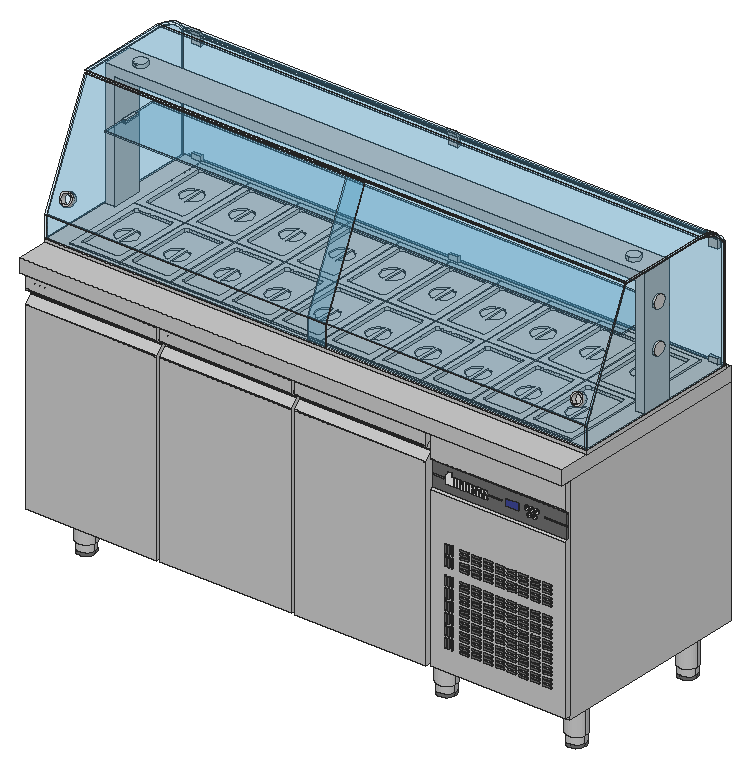
Revit family "QF_INOMAK_ZQFP999_250528111635", category Specialty Equipment, Revit 2021 (continued)
Definition of nested family "QF_INOMAK_REF_COUNTERS_1810_2920"
  Definition of nested family "QF_INOMAK_CONRTOL-PANEL"
    Forms (mm)
      Extrusion 1, solid
        sketch origin (-2240, -700, 0) x (-1, 0, 0) y (0, 0, 1)
          loop
            line (-1957.4, 241.855) -> (-1933.4, 241.855)
            arc (-1933.4, 241.855) -> (-1930.4, 244.855) -> (-1933.4, 247.855) r 3
            line (-1933.4, 247.855) -> (-1957.4, 247.855)
          loop
            arc (-1918.4, 247.855) -> (-1921.4, 244.855) -> (-1918.4, 241.855) r 3
            line (-1918.4, 241.855) -> (-1894.4, 241.855)
            arc (-1894.4, 241.855) -> (-1891.4, 244.855) -> (-1894.4, 247.855) r 3
            line (-1894.4, 247.855) -> (-1918.4, 247.855)
          loop
            arc (-2191.4, 236.855) -> (-2194.4, 233.855) -> (-2191.4, 230.855) r 3
            line (-2191.4, 230.855) -> (-2167.4, 230.855)
            arc (-2167.4, 230.855) -> (-2164.4, 233.855) -> (-2167.4, 236.855) r 3
            line (-2167.4, 236.855) -> (-2191.4, 236.855)
          loop
            arc (-2152.4, 236.855) -> (-2155.4, 233.855) -> (-2152.4, 230.855) r 3
            line (-2152.4, 230.855) -> (-2128.4, 230.855)
            arc (-2128.4, 230.855) -> (-2125.4, 233.855) -> (-2128.4, 236.855) r 3
            line (-2128.4, 236.855) -> (-2152.4, 236.855)
          loop
            arc (-2113.4, 236.855) -> (-2116.4, 233.855) -> (-2113.4, 230.855) r 3
            line (-2113.4, 230.855) -> (-2089.4, 230.855)
            arc (-2089.4, 230.855) -> (-2086.4, 233.855) -> (-2089.4, 236.855) r 3
            line (-2089.4, 236.855) -> (-2113.4, 236.855)
          loop
            arc (-2074.4, 236.855) -> (-2077.4, 233.855) -> (-2074.4, 230.855) r 3
            line (-2074.4, 230.855) -> (-2050.4, 230.855)
            arc (-2050.4, 230.855) -> (-2047.4, 233.855) -> (-2050.4, 236.855) r 3
            line (-2050.4, 236.855) -> (-2074.4, 236.855)
          loop
            arc (-2035.4, 236.855) -> (-2038.4, 233.855) -> (-2035.4, 230.855) r 3
            line (-2035.4, 230.855) -> (-2011.4, 230.855)
            arc (-2011.4, 230.855) -> (-2008.4, 233.855) -> (-2011.4, 236.855) r 3
            line (-2011.4, 236.855) -> (-2035.4, 236.855)
          loop
            arc (-1996.4, 236.855) -> (-1999.4, 233.855) -> (-1996.4, 230.855) r 3
            line (-1996.4, 230.855) -> (-1972.4, 230.855)
            arc (-1972.4, 230.855) -> (-1969.4, 233.855) -> (-1972.4, 236.855) r 3
            line (-1972.4, 236.855) -> (-1996.4, 236.855)
          loop
            arc (-1957.4, 236.855) -> (-1960.4, 233.855) -> (-1957.4, 230.855) r 3
            line (-1957.4, 230.855) -> (-1933.4, 230.855)
            arc (-1933.4, 230.855) -> (-1930.4, 233.855) -> (-1933.4, 236.855) r 3
            line (-1933.4, 236.855) -> (-1957.4, 236.855)
          loop
            arc (-1918.4, 236.855) -> (-1921.4, 233.855) -> (-1918.4, 230.855) r 3
            line (-1918.4, 230.855) -> (-1894.4, 230.855)
            arc (-1894.4, 230.855) -> (-1891.4, 233.855) -> (-1894.4, 236.855) r 3
            line (-1894.4, 236.855) -> (-1918.4, 236.855)
          loop
            arc (-2191.4, 221.855) -> (-2194.4, 218.855) -> (-2191.4, 215.855) r 3
            line (-2191.4, 215.855) -> (-2167.4, 215.855)
            arc (-2167.4, 215.855) -> (-2164.4, 218.855) -> (-2167.4, 221.855) r 3
            line (-2167.4, 221.855) -> (-2191.4, 221.855)
          loop
            arc (-2152.4, 221.855) -> (-2155.4, 218.855) -> (-2152.4, 215.855) r 3
            line (-2152.4, 215.855) -> (-2128.4, 215.855)
            arc (-2128.4, 215.855) -> (-2125.4, 218.855) -> (-2128.4, 221.855) r 3
            line (-2128.4, 221.855) -> (-2152.4, 221.855)
          loop
            arc (-2113.4, 221.855) -> (-2116.4, 218.855) -> (-2113.4, 215.855) r 3
            line (-2113.4, 215.855) -> (-2089.4, 215.855)
            arc (-2089.4, 215.855) -> (-2086.4, 218.855) -> (-2089.4, 221.855) r 3
            line (-2089.4, 221.855) -> (-2113.4, 221.855)
          loop
            arc (-2074.4, 221.855) -> (-2077.4, 218.855) -> (-2074.4, 215.855) r 3
            line (-2074.4, 215.855) -> (-2050.4, 215.855)
            arc (-2050.4, 215.855) -> (-2047.4, 218.855) -> (-2050.4, 221.855) r 3
            line (-2050.4, 221.855) -> (-2074.4, 221.855)
          loop
            arc (-2035.4, 221.855) -> (-2038.4, 218.855) -> (-2035.4, 215.855) r 3
            line (-2035.4, 215.855) -> (-2011.4, 215.855)
            arc (-2011.4, 215.855) -> (-2008.4, 218.855) -> (-2011.4, 221.855) r 3
            line (-2011.4, 221.855) -> (-2035.4, 221.855)
          loop
            arc (-1996.4, 221.855) -> (-1999.4, 218.855) -> (-1996.4, 215.855) r 3
            line (-1996.4, 215.855) -> (-1972.4, 215.855)
            arc (-1972.4, 215.855) -> (-1969.4, 218.855) -> (-1972.4, 221.855) r 3
            line (-1972.4, 221.855) -> (-1996.4, 221.855)
          loop
            arc (-1957.4, 221.855) -> (-1960.4, 218.855) -> (-1957.4, 215.855) r 3
            line (-1957.4, 215.855) -> (-1933.4, 215.855)
            arc (-1933.4, 215.855) -> (-1930.4, 218.855) -> (-1933.4, 221.855) r 3
            line (-1933.4, 221.855) -> (-1957.4, 221.855)
          loop
            arc (-1918.4, 221.855) -> (-1921.4, 218.855) -> (-1918.4, 215.855) r 3
            line (-1918.4, 215.855) -> (-1894.4, 215.855)
            arc (-1894.4, 215.855) -> (-1891.4, 218.855) -> (-1894.4, 221.855) r 3
            line (-1894.4, 221.855) -> (-1918.4, 221.855)
          loop
            arc (-2191.4, 210.855) -> (-2194.4, 207.855) -> (-2191.4, 204.855) r 3
            line (-2191.4, 204.855) -> (-2167.4, 204.855)
            arc (-2167.4, 204.855) -> (-2164.4, 207.855) -> (-2167.4, 210.855) r 3
            line (-2167.4, 210.855) -> (-2191.4, 210.855)
          loop
            arc (-2152.4, 210.855) -> (-2155.4, 207.855) -> (-2152.4, 204.855) r 3
            line (-2152.4, 204.855) -> (-2128.4, 204.855)
            arc (-2128.4, 204.855) -> (-2125.4, 207.855) -> (-2128.4, 210.855) r 3
            line (-2128.4, 210.855) -> (-2152.4, 210.855)
          loop
            arc (-2113.4, 210.855) -> (-2116.4, 207.855) -> (-2113.4, 204.855) r 3
            line (-2113.4, 204.855) -> (-2089.4, 204.855)
            arc (-2089.4, 204.855) -> (-2086.4, 207.855) -> (-2089.4, 210.855) r 3
            line (-2089.4, 210.855) -> (-2113.4, 210.855)
          loop
            arc (-2074.4, 210.855) -> (-2077.4, 207.855) -> (-2074.4, 204.855) r 3
            line (-2074.4, 204.855) -> (-2050.4, 204.855)
            arc (-2050.4, 204.855) -> (-2047.4, 207.855) -> (-2050.4, 210.855) r 3
            line (-2050.4, 210.855) -> (-2074.4, 210.855)
          loop
            arc (-2035.4, 210.855) -> (-2038.4, 207.855) -> (-2035.4, 204.855) r 3
            line (-2035.4, 204.855) -> (-2011.4, 204.855)
            arc (-2011.4, 204.855) -> (-2008.4, 207.855) -> (-2011.4, 210.855) r 3
            line (-2011.4, 210.855) -> (-2035.4, 210.855)
          loop
            arc (-1996.4, 210.855) -> (-1999.4, 207.855) -> (-1996.4, 204.855) r 3
            line (-1996.4, 204.855) -> (-1972.4, 204.855)
            arc (-1972.4, 204.855) -> (-1969.4, 207.855) -> (-1972.4, 210.855) r 3
            line (-1972.4, 210.855) -> (-1996.4, 210.855)
          loop
            arc (-1957.4, 210.855) -> (-1960.4, 207.855) -> (-1957.4, 204.855) r 3
            line (-1957.4, 204.855) -> (-1933.4, 204.855)
            arc (-1933.4, 204.855) -> (-1930.4, 207.855) -> (-1933.4, 210.855) r 3
            line (-1933.4, 210.855) -> (-1957.4, 210.855)
          loop
            arc (-1918.4, 210.855) -> (-1921.4, 207.855) -> (-1918.4, 204.855) r 3
            line (-1918.4, 204.855) -> (-1894.4, 204.855)
            arc (-1894.4, 204.855) -> (-1891.4, 207.855) -> (-1894.4, 210.855) r 3
            line (-1894.4, 210.855) -> (-1918.4, 210.855)
          loop
            arc (-2191.4, 199.855) -> (-2194.4, 196.855) -> (-2191.4, 193.855) r 3
            line (-2191.4, 193.855) -> (-2167.4, 193.855)
            arc (-2167.4, 193.855) -> (-2164.4, 196.855) -> (-2167.4, 199.855) r 3
            line (-2167.4, 199.855) -> (-2191.4, 199.855)
          loop
            arc (-2152.4, 199.855) -> (-2155.4, 196.855) -> (-2152.4, 193.855) r 3
            line (-2152.4, 193.855) -> (-2128.4, 193.855)
            arc (-2128.4, 193.855) -> (-2125.4, 196.855) -> (-2128.4, 199.855) r 3
            line (-2128.4, 199.855) -> (-2152.4, 199.855)
          loop
            arc (-2113.4, 199.855) -> (-2116.4, 196.855) -> (-2113.4, 193.855) r 3
            line (-2113.4, 193.855) -> (-2089.4, 193.855)
            arc (-2089.4, 193.855) -> (-2086.4, 196.855) -> (-2089.4, 199.855) r 3
            line (-2089.4, 199.855) -> (-2113.4, 199.855)
          loop
            arc (-2074.4, 199.855) -> (-2077.4, 196.855) -> (-2074.4, 193.855) r 3
            line (-2074.4, 193.855) -> (-2050.4, 193.855)
            arc (-2050.4, 193.855) -> (-2047.4, 196.855) -> (-2050.4, 199.855) r 3
            line (-2050.4, 199.855) -> (-2074.4, 199.855)
          loop
            arc (-2035.4, 199.855) -> (-2038.4, 196.855) -> (-2035.4, 193.855) r 3
            line (-2035.4, 193.855) -> (-2011.4, 193.855)
            arc (-2011.4, 193.855) -> (-2008.4, 196.855) -> (-2011.4, 199.855) r 3
            line (-2011.4, 199.855) -> (-2035.4, 199.855)
          loop
            arc (-1996.4, 199.855) -> (-1999.4, 196.855) -> (-1996.4, 193.855) r 3
            line (-1996.4, 193.855) -> (-1972.4, 193.855)
            arc (-1972.4, 193.855) -> (-1969.4, 196.855) -> (-1972.4, 199.855) r 3
            line (-1972.4, 199.855) -> (-1996.4, 199.855)
          loop
            arc (-1957.4, 199.855) -> (-1960.4, 196.855) -> (-1957.4, 193.855) r 3
            line (-1957.4, 193.855) -> (-1933.4, 193.855)
            arc (-1933.4, 193.855) -> (-1930.4, 196.855) -> (-1933.4, 199.855) r 3
            line (-1933.4, 199.855) -> (-1957.4, 199.855)
          loop
            arc (-1918.4, 199.855) -> (-1921.4, 196.855) -> (-1918.4, 193.855) r 3
            line (-1918.4, 193.855) -> (-1894.4, 193.855)
            arc (-1894.4, 193.855) -> (-1891.4, 196.855) -> (-1894.4, 199.855) r 3
            line (-1894.4, 199.855) -> (-1918.4, 199.855)
          loop
            arc (-2191.4, 184.855) -> (-2194.4, 181.855) -> (-2191.4, 178.855) r 3
            line (-2191.4, 178.855) -> (-2167.4, 178.855)
            arc (-2167.4, 178.855) -> (-2164.4, 181.855) -> (-2167.4, 184.855) r 3
            line (-2167.4, 184.855) -> (-2191.4, 184.855)
          loop
            arc (-2152.4, 184.855) -> (-2155.4, 181.855) -> (-2152.4, 178.855) r 3
            line (-2152.4, 178.855) -> (-2128.4, 178.855)
            arc (-2128.4, 178.855) -> (-2125.4, 181.855) -> (-2128.4, 184.855) r 3
            line (-2128.4, 184.855) -> (-2152.4, 184.855)
          loop
            arc (-2113.4, 184.855) -> (-2116.4, 181.855) -> (-2113.4, 178.855) r 3
            line (-2113.4, 178.855) -> (-2089.4, 178.855)
            arc (-2089.4, 178.855) -> (-2086.4, 181.855) -> (-2089.4, 184.855) r 3
            line (-2089.4, 184.855) -> (-2113.4, 184.855)
          loop
            arc (-2074.4, 184.855) -> (-2077.4, 181.855) -> (-2074.4, 178.855) r 3
            line (-2074.4, 178.855) -> (-2050.4, 178.855)
            arc (-2050.4, 178.855) -> (-2047.4, 181.855) -> (-2050.4, 184.855) r 3
            line (-2050.4, 184.855) -> (-2074.4, 184.855)
          loop
            arc (-2035.4, 184.855) -> (-2038.4, 181.855) -> (-2035.4, 178.855) r 3
            line (-2035.4, 178.855) -> (-2011.4, 178.855)
            arc (-2011.4, 178.855) -> (-2008.4, 181.855) -> (-2011.4, 184.855) r 3
            line (-2011.4, 184.855) -> (-2035.4, 184.855)
          loop
            arc (-1996.4, 184.855) -> (-1999.4, 181.855) -> (-1996.4, 178.855) r 3
            line (-1996.4, 178.855) -> (-1972.4, 178.855)
            arc (-1972.4, 178.855) -> (-1969.4, 181.855) -> (-1972.4, 184.855) r 3
            line (-1972.4, 184.855) -> (-1996.4, 184.855)
          loop
            arc (-1957.4, 184.855) -> (-1960.4, 181.855) -> (-1957.4, 178.855) r 3
            line (-1957.4, 178.855) -> (-1933.4, 178.855)
            arc (-1933.4, 178.855) -> (-1930.4, 181.855) -> (-1933.4, 184.855) r 3
            line (-1933.4, 184.855) -> (-1957.4, 184.855)
          loop
            arc (-1918.4, 184.855) -> (-1921.4, 181.855) -> (-1918.4, 178.855) r 3
            line (-1918.4, 178.855) -> (-1894.4, 178.855)
            arc (-1894.4, 178.855) -> (-1891.4, 181.855) -> (-1894.4, 184.855) r 3
            line (-1894.4, 184.855) -> (-1918.4, 184.855)
          loop
            arc (-2191.4, 173.855) -> (-2194.4, 170.855) -> (-2191.4, 167.855) r 3
            line (-2191.4, 167.855) -> (-2167.4, 167.855)
            arc (-2167.4, 167.855) -> (-2164.4, 170.855) -> (-2167.4, 173.855) r 3
            line (-2167.4, 173.855) -> (-2191.4, 173.855)
          loop
            arc (-2152.4, 173.855) -> (-2155.4, 170.855) -> (-2152.4, 167.855) r 3
            line (-2152.4, 167.855) -> (-2128.4, 167.855)
            arc (-2128.4, 167.855) -> (-2125.4, 170.855) -> (-2128.4, 173.855) r 3
            line (-2128.4, 173.855) -> (-2152.4, 173.855)
          loop
            arc (-2113.4, 173.855) -> (-2116.4, 170.855) -> (-2113.4, 167.855) r 3
            line (-2113.4, 167.855) -> (-2089.4, 167.855)
            arc (-2089.4, 167.855) -> (-2086.4, 170.855) -> (-2089.4, 173.855) r 3
            line (-2089.4, 173.855) -> (-2113.4, 173.855)
          loop
            arc (-2074.4, 173.855) -> (-2077.4, 170.855) -> (-2074.4, 167.855) r 3
            line (-2074.4, 167.855) -> (-2050.4, 167.855)
            arc (-2050.4, 167.855) -> (-2047.4, 170.855) -> (-2050.4, 173.855) r 3
            line (-2050.4, 173.855) -> (-2074.4, 173.855)
          loop
            arc (-2035.4, 173.855) -> (-2038.4, 170.855) -> (-2035.4, 167.855) r 3
            line (-2035.4, 167.855) -> (-2011.4, 167.855)
            arc (-2011.4, 167.855) -> (-2008.4, 170.855) -> (-2011.4, 173.855) r 3
            line (-2011.4, 173.855) -> (-2035.4, 173.855)
          loop
            arc (-1996.4, 173.855) -> (-1999.4, 170.855) -> (-1996.4, 167.855) r 3
            line (-1996.4, 167.855) -> (-1972.4, 167.855)
            arc (-1972.4, 167.855) -> (-1969.4, 170.855) -> (-1972.4, 173.855) r 3
            line (-1972.4, 173.855) -> (-1996.4, 173.855)
          loop
            arc (-1957.4, 173.855) -> (-1960.4, 170.855) -> (-1957.4, 167.855) r 3
            line (-1957.4, 167.855) -> (-1933.4, 167.855)
            arc (-1933.4, 167.855) -> (-1930.4, 170.855) -> (-1933.4, 173.855) r 3
            line (-1933.4, 173.855) -> (-1957.4, 173.855)
          loop
            arc (-1918.4, 173.855) -> (-1921.4, 170.855) -> (-1918.4, 167.855) r 3
            line (-1918.4, 167.855) -> (-1894.4, 167.855)
            arc (-1894.4, 167.855) -> (-1891.4, 170.855) -> (-1894.4, 173.855) r 3
            line (-1894.4, 173.855) -> (-1918.4, 173.855)
          loop
            arc (-2191.4, 162.855) -> (-2194.4, 159.855) -> (-2191.4, 156.855) r 3
            line (-2191.4, 156.855) -> (-2167.4, 156.855)
            arc (-2167.4, 156.855) -> (-2164.4, 159.855) -> (-2167.4, 162.855) r 3
            line (-2167.4, 162.855) -> (-2191.4, 162.855)
          loop
            arc (-2152.4, 162.855) -> (-2155.4, 159.855) -> (-2152.4, 156.855) r 3
            line (-2152.4, 156.855) -> (-2128.4, 156.855)
            arc (-2128.4, 156.855) -> (-2125.4, 159.855) -> (-2128.4, 162.855) r 3
            line (-2128.4, 162.855) -> (-2152.4, 162.855)
          loop
            arc (-2113.4, 162.855) -> (-2116.4, 159.855) -> (-2113.4, 156.855) r 3
            line (-2113.4, 156.855) -> (-2089.4, 156.855)
            arc (-2089.4, 156.855) -> (-2086.4, 159.855) -> (-2089.4, 162.855) r 3
            line (-2089.4, 162.855) -> (-2113.4, 162.855)
          loop
            arc (-2074.4, 162.855) -> (-2077.4, 159.855) -> (-2074.4, 156.855) r 3
            line (-2074.4, 156.855) -> (-2050.4, 156.855)
            arc (-2050.4, 156.855) -> (-2047.4, 159.855) -> (-2050.4, 162.855) r 3
            line (-2050.4, 162.855) -> (-2074.4, 162.855)
          loop
            arc (-2035.4, 162.855) -> (-2038.4, 159.855) -> (-2035.4, 156.855) r 3
            line (-2035.4, 156.855) -> (-2011.4, 156.855)
            arc (-2011.4, 156.855) -> (-2008.4, 159.855) -> (-2011.4, 162.855) r 3
            line (-2011.4, 162.855) -> (-2035.4, 162.855)
          loop
            arc (-1996.4, 162.855) -> (-1999.4, 159.855) -> (-1996.4, 156.855) r 3
            line (-1996.4, 156.855) -> (-1972.4, 156.855)
            arc (-1972.4, 156.855) -> (-1969.4, 159.855) -> (-1972.4, 162.855) r 3
            line (-1972.4, 162.855) -> (-1996.4, 162.855)
          loop
            arc (-1957.4, 162.855) -> (-1960.4, 159.855) -> (-1957.4, 156.855) r 3
            line (-1957.4, 156.855) -> (-1933.4, 156.855)
            arc (-1933.4, 156.855) -> (-1930.4, 159.855) -> (-1933.4, 162.855) r 3
            line (-1933.4, 162.855) -> (-1957.4, 162.855)
          loop
            arc (-1918.4, 162.855) -> (-1921.4, 159.855) -> (-1918.4, 156.855) r 3
            line (-1918.4, 156.855) -> (-1894.4, 156.855)
            arc (-1894.4, 156.855) -> (-1891.4, 159.855) -> (-1894.4, 162.855) r 3
            line (-1894.4, 162.855) -> (-1918.4, 162.855)
          loop
            arc (-2191.4, 147.855) -> (-2194.4, 144.855) -> (-2191.4, 141.855) r 3
            line (-2191.4, 141.855) -> (-2167.4, 141.855)
            arc (-2167.4, 141.855) -> (-2164.4, 144.855) -> (-2167.4, 147.855) r 3
            line (-2167.4, 147.855) -> (-2191.4, 147.855)
          loop
            arc (-2152.4, 147.855) -> (-2155.4, 144.855) -> (-2152.4, 141.855) r 3
            line (-2152.4, 141.855) -> (-2128.4, 141.855)
            arc (-2128.4, 141.855) -> (-2125.4, 144.855) -> (-2128.4, 147.855) r 3
            line (-2128.4, 147.855) -> (-2152.4, 147.855)
          loop
            arc (-2113.4, 147.855) -> (-2116.4, 144.855) -> (-2113.4, 141.855) r 3
            line (-2113.4, 141.855) -> (-2089.4, 141.855)
            arc (-2089.4, 141.855) -> (-2086.4, 144.855) -> (-2089.4, 147.855) r 3
            line (-2089.4, 147.855) -> (-2113.4, 147.855)
          loop
            arc (-2074.4, 147.855) -> (-2077.4, 144.855) -> (-2074.4, 141.855) r 3
            line (-2074.4, 141.855) -> (-2050.4, 141.855)
            arc (-2050.4, 141.855) -> (-2047.4, 144.855) -> (-2050.4, 147.855) r 3
            line (-2050.4, 147.855) -> (-2074.4, 147.855)
          loop
            arc (-2035.4, 147.855) -> (-2038.4, 144.855) -> (-2035.4, 141.855) r 3
            line (-2035.4, 141.855) -> (-2011.4, 141.855)
            arc (-2011.4, 141.855) -> (-2008.4, 144.855) -> (-2011.4, 147.855) r 3
            line (-2011.4, 147.855) -> (-2035.4, 147.855)
          loop
            arc (-1996.4, 147.855) -> (-1999.4, 144.855) -> (-1996.4, 141.855) r 3
            line (-1996.4, 141.855) -> (-1972.4, 141.855)
            arc (-1972.4, 141.855) -> (-1969.4, 144.855) -> (-1972.4, 147.855) r 3
            line (-1972.4, 147.855) -> (-1996.4, 147.855)
          loop
            arc (-1957.4, 147.855) -> (-1960.4, 144.855) -> (-1957.4, 141.855) r 3
            line (-1957.4, 141.855) -> (-1933.4, 141.855)
            arc (-1933.4, 141.855) -> (-1930.4, 144.855) -> (-1933.4, 147.855) r 3
            line (-1933.4, 147.855) -> (-1957.4, 147.855)
          loop
            arc (-1918.4, 147.855) -> (-1921.4, 144.855) -> (-1918.4, 141.855) r 3
            line (-1918.4, 141.855) -> (-1894.4, 141.855)
            arc (-1894.4, 141.855) -> (-1891.4, 144.855) -> (-1894.4, 147.855) r 3
            line (-1894.4, 147.855) -> (-1918.4, 147.855)
          loop
            arc (-2191.4, 136.855) -> (-2194.4, 133.855) -> (-2191.4, 130.855) r 3
            line (-2191.4, 130.855) -> (-2167.4, 130.855)
            arc (-2167.4, 130.855) -> (-2164.4, 133.855) -> (-2167.4, 136.855) r 3
            line (-2167.4, 136.855) -> (-2191.4, 136.855)
          loop
            arc (-2152.4, 136.855) -> (-2155.4, 133.855) -> (-2152.4, 130.855) r 3
            line (-2152.4, 130.855) -> (-2128.4, 130.855)
            arc (-2128.4, 130.855) -> (-2125.4, 133.855) -> (-2128.4, 136.855) r 3
            line (-2128.4, 136.855) -> (-2152.4, 136.855)
          loop
            arc (-2113.4, 136.855) -> (-2116.4, 133.855) -> (-2113.4, 130.855) r 3
            line (-2113.4, 130.855) -> (-2089.4, 130.855)
            arc (-2089.4, 130.855) -> (-2086.4, 133.855) -> (-2089.4, 136.855) r 3
            line (-2089.4, 136.855) -> (-2113.4, 136.855)
          loop
            arc (-2074.4, 136.855) -> (-2077.4, 133.855) -> (-2074.4, 130.855) r 3
            line (-2074.4, 130.855) -> (-2050.4, 130.855)
            arc (-2050.4, 130.855) -> (-2047.4, 133.855) -> (-2050.4, 136.855) r 3
            line (-2050.4, 136.855) -> (-2074.4, 136.855)
          loop
            arc (-2035.4, 136.855) -> (-2038.4, 133.855) -> (-2035.4, 130.855) r 3
            line (-2035.4, 130.855) -> (-2011.4, 130.855)
            arc (-2011.4, 130.855) -> (-2008.4, 133.855) -> (-2011.4, 136.855) r 3
            line (-2011.4, 136.855) -> (-2035.4, 136.855)
          loop
            arc (-1996.4, 136.855) -> (-1999.4, 133.855) -> (-1996.4, 130.855) r 3
            line (-1996.4, 130.855) -> (-1972.4, 130.855)
            arc (-1972.4, 130.855) -> (-1969.4, 133.855) -> (-1972.4, 136.855) r 3
            line (-1972.4, 136.855) -> (-1996.4, 136.855)
          loop
            arc (-1957.4, 136.855) -> (-1960.4, 133.855) -> (-1957.4, 130.855) r 3
            line (-1957.4, 130.855) -> (-1933.4, 130.855)
            arc (-1933.4, 130.855) -> (-1930.4, 133.855) -> (-1933.4, 136.855) r 3
            line (-1933.4, 136.855) -> (-1957.4, 136.855)
          loop
            arc (-1918.4, 136.855) -> (-1921.4, 133.855) -> (-1918.4, 130.855) r 3
            line (-1918.4, 130.855) -> (-1894.4, 130.855)
            arc (-1894.4, 130.855) -> (-1891.4, 133.855) -> (-1894.4, 136.855) r 3
            line (-1894.4, 136.855) -> (-1918.4, 136.855)
          loop
            arc (-2191.4, 125.855) -> (-2194.4, 122.855) -> (-2191.4, 119.855) r 3
            line (-2191.4, 119.855) -> (-2167.4, 119.855)
            arc (-2167.4, 119.855) -> (-2164.4, 122.855) -> (-2167.4, 125.855) r 3
            line (-2167.4, 125.855) -> (-2191.4, 125.855)
          loop
            arc (-2152.4, 125.855) -> (-2155.4, 122.855) -> (-2152.4, 119.855) r 3
            line (-2152.4, 119.855) -> (-2128.4, 119.855)
            arc (-2128.4, 119.855) -> (-2125.4, 122.855) -> (-2128.4, 125.855) r 3
            line (-2128.4, 125.855) -> (-2152.4, 125.855)
          loop
            arc (-2113.4, 125.855) -> (-2116.4, 122.855) -> (-2113.4, 119.855) r 3
            line (-2113.4, 119.855) -> (-2089.4, 119.855)
            arc (-2089.4, 119.855) -> (-2086.4, 122.855) -> (-2089.4, 125.855) r 3
            line (-2089.4, 125.855) -> (-2113.4, 125.855)
          loop
            arc (-2074.4, 125.855) -> (-2077.4, 122.855) -> (-2074.4, 119.855) r 3
            line (-2074.4, 119.855) -> (-2050.4, 119.855)
            arc (-2050.4, 119.855) -> (-2047.4, 122.855) -> (-2050.4, 125.855) r 3
            line (-2050.4, 125.855) -> (-2074.4, 125.855)
          loop
            arc (-2035.4, 125.855) -> (-2038.4, 122.855) -> (-2035.4, 119.855) r 3
            line (-2035.4, 119.855) -> (-2011.4, 119.855)
            arc (-2011.4, 119.855) -> (-2008.4, 122.855) -> (-2011.4, 125.855) r 3
            line (-2011.4, 125.855) -> (-2035.4, 125.855)
          loop
            arc (-1996.4, 125.855) -> (-1999.4, 122.855) -> (-1996.4, 119.855) r 3
            line (-1996.4, 119.855) -> (-1972.4, 119.855)
            arc (-1972.4, 119.855) -> (-1969.4, 122.855) -> (-1972.4, 125.855) r 3
            line (-1972.4, 125.855) -> (-1996.4, 125.855)
          loop
            arc (-1957.4, 125.855) -> (-1960.4, 122.855) -> (-1957.4, 119.855) r 3
            line (-1957.4, 119.855) -> (-1933.4, 119.855)
            arc (-1933.4, 119.855) -> (-1930.4, 122.855) -> (-1933.4, 125.855) r 3
            line (-1933.4, 125.855) -> (-1957.4, 125.855)
          loop
            arc (-1918.4, 125.855) -> (-1921.4, 122.855) -> (-1918.4, 119.855) r 3
            line (-1918.4, 119.855) -> (-1894.4, 119.855)
            arc (-1894.4, 119.855) -> (-1891.4, 122.855) -> (-1894.4, 125.855) r 3
            line (-1894.4, 125.855) -> (-1918.4, 125.855)
          loop
            arc (-2191.4, 110.855) -> (-2194.4, 107.855) -> (-2191.4, 104.855) r 3
            line (-2191.4, 104.855) -> (-2167.4, 104.855)
            arc (-2167.4, 104.855) -> (-2164.4, 107.855) -> (-2167.4, 110.855) r 3
            line (-2167.4, 110.855) -> (-2191.4, 110.855)
          loop
            arc (-2152.4, 110.855) -> (-2155.4, 107.855) -> (-2152.4, 104.855) r 3
            line (-2152.4, 104.855) -> (-2128.4, 104.855)
            arc (-2128.4, 104.855) -> (-2125.4, 107.855) -> (-2128.4, 110.855) r 3
            line (-2128.4, 110.855) -> (-2152.4, 110.855)
          loop
            arc (-2113.4, 110.855) -> (-2116.4, 107.855) -> (-2113.4, 104.855) r 3
            line (-2113.4, 104.855) -> (-2089.4, 104.855)
            arc (-2089.4, 104.855) -> (-2086.4, 107.855) -> (-2089.4, 110.855) r 3
            line (-2089.4, 110.855) -> (-2113.4, 110.855)
          loop
            arc (-2074.4, 110.855) -> (-2077.4, 107.855) -> (-2074.4, 104.855) r 3
            line (-2074.4, 104.855) -> (-2050.4, 104.855)
            arc (-2050.4, 104.855) -> (-2047.4, 107.855) -> (-2050.4, 110.855) r 3
            line (-2050.4, 110.855) -> (-2074.4, 110.855)
          loop
            arc (-2035.4, 110.855) -> (-2038.4, 107.855) -> (-2035.4, 104.855) r 3
            line (-2035.4, 104.855) -> (-2011.4, 104.855)
            arc (-2011.4, 104.855) -> (-2008.4, 107.855) -> (-2011.4, 110.855) r 3
            line (-2011.4, 110.855) -> (-2035.4, 110.855)
          loop
            arc (-1996.4, 110.855) -> (-1999.4, 107.855) -> (-1996.4, 104.855) r 3
            line (-1996.4, 104.855) -> (-1972.4, 104.855)
            arc (-1972.4, 104.855) -> (-1969.4, 107.855) -> (-1972.4, 110.855) r 3
            line (-1972.4, 110.855) -> (-1996.4, 110.855)
          loop
            arc (-1957.4, 110.855) -> (-1960.4, 107.855) -> (-1957.4, 104.855) r 3
            line (-1957.4, 104.855) -> (-1933.4, 104.855)
            arc (-1933.4, 104.855) -> (-1930.4, 107.855) -> (-1933.4, 110.855) r 3
            line (-1933.4, 110.855) -> (-1957.4, 110.855)
          loop
            arc (-1918.4, 110.855) -> (-1921.4, 107.855) -> (-1918.4, 104.855) r 3
            line (-1918.4, 104.855) -> (-1894.4, 104.855)
            arc (-1894.4, 104.855) -> (-1891.4, 107.855) -> (-1894.4, 110.855) r 3
            line (-1894.4, 110.855) -> (-1918.4, 110.855)
          loop
            arc (-2191.4, 99.855) -> (-2194.4, 96.855) -> (-2191.4, 93.855) r 3
            line (-2191.4, 93.855) -> (-2167.4, 93.855)
            arc (-2167.4, 93.855) -> (-2164.4, 96.855) -> (-2167.4, 99.855) r 3
            line (-2167.4, 99.855) -> (-2191.4, 99.855)
          loop
            arc (-2152.4, 99.855) -> (-2155.4, 96.855) -> (-2152.4, 93.855) r 3
            line (-2152.4, 93.855) -> (-2128.4, 93.855)
            arc (-2128.4, 93.855) -> (-2125.4, 96.855) -> (-2128.4, 99.855) r 3
            line (-2128.4, 99.855) -> (-2152.4, 99.855)
          loop
            arc (-2113.4, 99.855) -> (-2116.4, 96.855) -> (-2113.4, 93.855) r 3
            line (-2113.4, 93.855) -> (-2089.4, 93.855)
            arc (-2089.4, 93.855) -> (-2086.4, 96.855) -> (-2089.4, 99.855) r 3
            line (-2089.4, 99.855) -> (-2113.4, 99.855)
          loop
            arc (-2074.4, 99.855) -> (-2077.4, 96.855) -> (-2074.4, 93.855) r 3
            line (-2074.4, 93.855) -> (-2050.4, 93.855)
            arc (-2050.4, 93.855) -> (-2047.4, 96.855) -> (-2050.4, 99.855) r 3
            line (-2050.4, 99.855) -> (-2074.4, 99.855)
          loop
            arc (-2035.4, 99.855) -> (-2038.4, 96.855) -> (-2035.4, 93.855) r 3
            line (-2035.4, 93.855) -> (-2011.4, 93.855)
            arc (-2011.4, 93.855) -> (-2008.4, 96.855) -> (-2011.4, 99.855) r 3
            line (-2011.4, 99.855) -> (-2035.4, 99.855)
          loop
            arc (-1996.4, 99.855) -> (-1999.4, 96.855) -> (-1996.4, 93.855) r 3
            line (-1996.4, 93.855) -> (-1972.4, 93.855)
            arc (-1972.4, 93.855) -> (-1969.4, 96.855) -> (-1972.4, 99.855) r 3
            line (-1972.4, 99.855) -> (-1996.4, 99.855)
          loop
            arc (-1957.4, 99.855) -> (-1960.4, 96.855) -> (-1957.4, 93.855) r 3
            line (-1957.4, 93.855) -> (-1933.4, 93.855)
            arc (-1933.4, 93.855) -> (-1930.4, 96.855) -> (-1933.4, 99.855) r 3
            line (-1933.4, 99.855) -> (-1957.4, 99.855)
          loop
            arc (-1918.4, 99.855) -> (-1921.4, 96.855) -> (-1918.4, 93.855) r 3
            line (-1918.4, 93.855) -> (-1894.4, 93.855)
            arc (-1894.4, 93.855) -> (-1891.4, 96.855) -> (-1894.4, 99.855) r 3
            line (-1894.4, 99.855) -> (-1918.4, 99.855)
          loop
            arc (-2191.4, 88.855) -> (-2194.4, 85.855) -> (-2191.4, 82.855) r 3
            line (-2191.4, 82.855) -> (-2167.4, 82.855)
            arc (-2167.4, 82.855) -> (-2164.4, 85.855) -> (-2167.4, 88.855) r 3
            line (-2167.4, 88.855) -> (-2191.4, 88.855)
          loop
            arc (-2152.4, 88.855) -> (-2155.4, 85.855) -> (-2152.4, 82.855) r 3
            line (-2152.4, 82.855) -> (-2128.4, 82.855)
            arc (-2128.4, 82.855) -> (-2125.4, 85.855) -> (-2128.4, 88.855) r 3
            line (-2128.4, 88.855) -> (-2152.4, 88.855)
          loop
            arc (-2113.4, 88.855) -> (-2116.4, 85.855) -> (-2113.4, 82.855) r 3
            line (-2113.4, 82.855) -> (-2089.4, 82.855)
            arc (-2089.4, 82.855) -> (-2086.4, 85.855) -> (-2089.4, 88.855) r 3
            line (-2089.4, 88.855) -> (-2113.4, 88.855)
          loop
            arc (-2074.4, 88.855) -> (-2077.4, 85.855) -> (-2074.4, 82.855) r 3
            line (-2074.4, 82.855) -> (-2050.4, 82.855)
            arc (-2050.4, 82.855) -> (-2047.4, 85.855) -> (-2050.4, 88.855) r 3
            line (-2050.4, 88.855) -> (-2074.4, 88.855)
          loop
            arc (-2035.4, 88.855) -> (-2038.4, 85.855) -> (-2035.4, 82.855) r 3
            line (-2035.4, 82.855) -> (-2011.4, 82.855)
            arc (-2011.4, 82.855) -> (-2008.4, 85.855) -> (-2011.4, 88.855) r 3
            line (-2011.4, 88.855) -> (-2035.4, 88.855)
          loop
            arc (-1996.4, 88.855) -> (-1999.4, 85.855) -> (-1996.4, 82.855) r 3
            line (-1996.4, 82.855) -> (-1972.4, 82.855)
            arc (-1972.4, 82.855) -> (-1969.4, 85.855) -> (-1972.4, 88.855) r 3
            line (-1972.4, 88.855) -> (-1996.4, 88.855)
          loop
            arc (-1957.4, 88.855) -> (-1960.4, 85.855) -> (-1957.4, 82.855) r 3
            line (-1957.4, 82.855) -> (-1933.4, 82.855)
            arc (-1933.4, 82.855) -> (-1930.4, 85.855) -> (-1933.4, 88.855) r 3
            line (-1933.4, 88.855) -> (-1957.4, 88.855)
          loop
            arc (-1918.4, 88.855) -> (-1921.4, 85.855) -> (-1918.4, 82.855) r 3
            line (-1918.4, 82.855) -> (-1894.4, 82.855)
            arc (-1894.4, 82.855) -> (-1891.4, 85.855) -> (-1894.4, 88.855) r 3
            line (-1894.4, 88.855) -> (-1918.4, 88.855)
          loop
            arc (-1840.4, 387.855) -> (-1843.4, 390.855) -> (-1846.4, 387.855) r 3
            line (-1846.4, 387.855) -> (-1846.4, 363.855)
            arc (-1846.4, 363.855) -> (-1843.4, 360.855) -> (-1840.4, 363.855) r 3
            line (-1840.4, 363.855) -> (-1840.4, 387.855)
          loop
            arc (-1851.4, 387.855) -> (-1854.4, 390.855) -> (-1857.4, 387.855) r 3
            line (-1857.4, 387.855) -> (-1857.4, 363.855)
            arc (-1857.4, 363.855) -> (-1854.4, 360.855) -> (-1851.4, 363.855) r 3
            line (-1851.4, 363.855) -> (-1851.4, 387.855)
          loop
            arc (-1862.4, 387.855) -> (-1865.4, 390.855) -> (-1868.4, 387.855) r 3
            line (-1868.4, 387.855) -> (-1868.4, 363.855)
            arc (-1868.4, 363.855) -> (-1865.4, 360.855) -> (-1862.4, 363.855) r 3
            line (-1862.4, 363.855) -> (-1862.4, 387.855)
          loop
            arc (-1840.4, 350.855) -> (-1843.4, 353.855) -> (-1846.4, 350.855) r 3
            line (-1846.4, 350.855) -> (-1846.4, 326.855)
            arc (-1846.4, 326.855) -> (-1843.4, 323.855) -> (-1840.4, 326.855) r 3
            line (-1840.4, 326.855) -> (-1840.4, 350.855)
          loop
            arc (-1851.4, 350.855) -> (-1854.4, 353.855) -> (-1857.4, 350.855) r 3
            line (-1857.4, 350.855) -> (-1857.4, 326.855)
            arc (-1857.4, 326.855) -> (-1854.4, 323.855) -> (-1851.4, 326.855) r 3
            line (-1851.4, 326.855) -> (-1851.4, 350.855)
          loop
            arc (-1862.4, 350.855) -> (-1865.4, 353.855) -> (-1868.4, 350.855) r 3
            line (-1868.4, 350.855) -> (-1868.4, 326.855)
            arc (-1868.4, 326.855) -> (-1865.4, 323.855) -> (-1862.4, 326.855) r 3
            line (-1862.4, 326.855) -> (-1862.4, 350.855)
          loop
            arc (-1840.4, 293.855) -> (-1843.4, 296.855) -> (-1846.4, 293.855) r 3
            line (-1846.4, 293.855) -> (-1846.4, 269.855)
            arc (-1846.4, 269.855) -> (-1843.4, 266.855) -> (-1840.4, 269.855) r 3
            line (-1840.4, 269.855) -> (-1840.4, 293.855)
          loop
            arc (-1851.4, 293.855) -> (-1854.4, 296.855) -> (-1857.4, 293.855) r 3
            line (-1857.4, 293.855) -> (-1857.4, 269.855)
            arc (-1857.4, 269.855) -> (-1854.4, 266.855) -> (-1851.4, 269.855) r 3
            line (-1851.4, 269.855) -> (-1851.4, 293.855)
          loop
            arc (-1862.4, 293.855) -> (-1865.4, 296.855) -> (-1868.4, 293.855) r 3
            line (-1868.4, 293.855) -> (-1868.4, 269.855)
            arc (-1868.4, 269.855) -> (-1865.4, 266.855) -> (-1862.4, 269.855) r 3
            line (-1862.4, 269.855) -> (-1862.4, 293.855)
          loop
            arc (-1840.4, 256.855) -> (-1843.4, 259.855) -> (-1846.4, 256.855) r 3
            line (-1846.4, 256.855) -> (-1846.4, 232.855)
            arc (-1846.4, 232.855) -> (-1843.4, 229.855) -> (-1840.4, 232.855) r 3
            line (-1840.4, 232.855) -> (-1840.4, 256.855)
          loop
            arc (-1851.4, 256.855) -> (-1854.4, 259.855) -> (-1857.4, 256.855) r 3
            line (-1857.4, 256.855) -> (-1857.4, 232.855)
            arc (-1857.4, 232.855) -> (-1854.4, 229.855) -> (-1851.4, 232.855) r 3
            line (-1851.4, 232.855) -> (-1851.4, 256.855)
          loop
            arc (-1862.4, 256.855) -> (-1865.4, 259.855) -> (-1868.4, 256.855) r 3
            line (-1868.4, 256.855) -> (-1868.4, 232.855)
            arc (-1868.4, 232.855) -> (-1865.4, 229.855) -> (-1862.4, 232.855) r 3
            line (-1862.4, 232.855) -> (-1862.4, 256.855)
          loop
            arc (-1840.4, 219.855) -> (-1843.4, 222.855) -> (-1846.4, 219.855) r 3
            line (-1846.4, 219.855) -> (-1846.4, 195.855)
            arc (-1846.4, 195.855) -> (-1843.4, 192.855) -> (-1840.4, 195.855) r 3
            line (-1840.4, 195.855) -> (-1840.4, 219.855)
          loop
            arc (-1851.4, 219.855) -> (-1854.4, 222.855) -> (-1857.4, 219.855) r 3
            line (-1857.4, 219.855) -> (-1857.4, 195.855)
            arc (-1857.4, 195.855) -> (-1854.4, 192.855) -> (-1851.4, 195.855) r 3
            line (-1851.4, 195.855) -> (-1851.4, 219.855)
          loop
            arc (-1862.4, 219.855) -> (-1865.4, 222.855) -> (-1868.4, 219.855) r 3
            line (-1868.4, 219.855) -> (-1868.4, 195.855)
            arc (-1868.4, 195.855) -> (-1865.4, 192.855) -> (-1862.4, 195.855) r 3
            line (-1862.4, 195.855) -> (-1862.4, 219.855)
          loop
            arc (-1840.4, 182.855) -> (-1843.4, 185.855) -> (-1846.4, 182.855) r 3
            line (-1846.4, 182.855) -> (-1846.4, 158.855)
            arc (-1846.4, 158.855) -> (-1843.4, 155.855) -> (-1840.4, 158.855) r 3
            line (-1840.4, 158.855) -> (-1840.4, 182.855)
          loop
            arc (-1851.4, 182.855) -> (-1854.4, 185.855) -> (-1857.4, 182.855) r 3
            line (-1857.4, 182.855) -> (-1857.4, 158.855)
            arc (-1857.4, 158.855) -> (-1854.4, 155.855) -> (-1851.4, 158.855) r 3
            line (-1851.4, 158.855) -> (-1851.4, 182.855)
          loop
            arc (-1862.4, 182.855) -> (-1865.4, 185.855) -> (-1868.4, 182.855) r 3
            line (-1868.4, 182.855) -> (-1868.4, 158.855)
            arc (-1868.4, 158.855) -> (-1865.4, 155.855) -> (-1862.4, 158.855) r 3
            line (-1862.4, 158.855) -> (-1862.4, 182.855)
          loop
            arc (-1840.4, 145.855) -> (-1843.4, 148.855) -> (-1846.4, 145.855) r 3
            line (-1846.4, 145.855) -> (-1846.4, 121.855)
            arc (-1846.4, 121.855) -> (-1843.4, 118.855) -> (-1840.4, 121.855) r 3
            line (-1840.4, 121.855) -> (-1840.4, 145.855)
          loop
            arc (-1851.4, 145.855) -> (-1854.4, 148.855) -> (-1857.4, 145.855) r 3
            line (-1857.4, 145.855) -> (-1857.4, 121.855)
            arc (-1857.4, 121.855) -> (-1854.4, 118.855) -> (-1851.4, 121.855) r 3
            line (-1851.4, 121.855) -> (-1851.4, 145.855)
          loop
            arc (-1862.4, 145.855) -> (-1865.4, 148.855) -> (-1868.4, 145.855) r 3
            line (-1868.4, 145.855) -> (-1868.4, 121.855)
            arc (-1868.4, 121.855) -> (-1865.4, 118.855) -> (-1862.4, 121.855) r 3
            line (-1862.4, 121.855) -> (-1862.4, 145.855)
          loop
            arc (-1840.4, 108.855) -> (-1843.4, 111.855) -> (-1846.4, 108.855) r 3
            line (-1846.4, 108.855) -> (-1846.4, 84.855)
            arc (-1846.4, 84.855) -> (-1843.4, 81.855) -> (-1840.4, 84.855) r 3
            line (-1840.4, 84.855) -> (-1840.4, 108.855)
          loop
            arc (-1851.4, 108.855) -> (-1854.4, 111.855) -> (-1857.4, 108.855) r 3
            line (-1857.4, 108.855) -> (-1857.4, 84.855)
            arc (-1857.4, 84.855) -> (-1854.4, 81.855) -> (-1851.4, 84.855) r 3
            line (-1851.4, 84.855) -> (-1851.4, 108.855)
          loop
            arc (-1862.4, 108.855) -> (-1865.4, 111.855) -> (-1868.4, 108.855) r 3
            line (-1868.4, 108.855) -> (-1868.4, 84.855)
            arc (-1868.4, 84.855) -> (-1865.4, 81.855) -> (-1862.4, 84.855) r 3
            line (-1862.4, 84.855) -> (-1862.4, 108.855)
        from 16.5 to 19
    Dimensions and locks
      "Length": plane 3 "Left" to plane 4 "Right"
      "Depth": plane 5 "Front" to plane 1 "Back"
      "Front offset": plane 7 "Front offset" to plane 5 "Front"
      "Height": plane 6 "Top" to plane 2
      aligned and locked: level to plane 2
    Automatic sketch dimensions
      plane 4 "Right" to Extrusion 1 sketch curve = 48.6 mm  (x3)
      Extrusion 1 sketch curve to Extrusion 1 sketch curve = 0 mm  (x322)
      Extrusion 1 sketch curve to Extrusion 1 sketch curve = 24 mm  (x53)
      Extrusion 1 sketch curve to Extrusion 1 sketch curve = 15 mm  (x52)
      Extrusion 1 sketch curve to Extrusion 1 sketch curve = 26 mm  (x7)
      Extrusion 1 sketch curve to Extrusion 1 sketch curve = 3 mm  (x216)
      Extrusion 1 sketch curve to Extrusion 1 sketch curve = 5 mm  (x144)
      level to Extrusion 1 sketch curve = 82.855 mm  (x2)
      Extrusion 1 sketch curve to Extrusion 1 sketch curve = 2 mm
      Extrusion 1 sketch curve to Extrusion 1 sketch curve = 9 mm  (x48)
      Extrusion 1 sketch curve to Extrusion 1 sketch curve = 13 mm  (x9)
      Extrusion 1 sketch curve to Extrusion 1 sketch curve = 29 mm  (x6)
      Extrusion 1 sketch curve to Extrusion 1 sketch curve = 33 mm
Definition of nested family "QF_INOMAK_REF_WORKTOPS_WTVF_1810_7123"
  Parameters (values of type "WTVF-1810-700-80")
    Worktop thickness [instance] = 46 mm
    Weight [instance] = 0.00 kg
    Warranty Start Date [instance] = ""
    Warranty Duration [instance] = ""
    URL Cutsheet [instance] = ""
    URL = "www.inomak.com"
    Technical Documentation [instance] = ""
    Tag Number [instance] = ""
    Status [instance] = ""
    Specification by User [instance] = ""
    Specification by Manufacturer [instance] = ""
    Sound Level [instance] = ""
    Solid Fuel Type [instance] = ""
    Show Logo [instance] = yes
    Show Clearances [instance] = yes
    Service Life Duration [instance] = ""
    Serial Number [instance] = ""
    Seismic Rating [instance] = ""
    SMACNA No [instance] = ""
    Revision Code [instance] = ""
    Revision [instance] = ""
    Production Year [instance] = ""
    Point Load [instance] = 0
    Other Equipment Approvals [instance] = ""
    NAFEM Spec ID Number [instance] = ""
    Model Warning [instance] = ""
    Model = "WTVF-80"
    Masterspec [instance] = ""
    Manufacturer = "INOMAK"
    Length Actual [instance] = 1810 mm
    Item Number [instance] = ""
    Installed By [instance] = ""
    Installation Date [instance] = ""
    Identify Quantity as Lot [instance] = yes
    ID [instance] = ""
    Hygiene Approval [instance] = ""
    Height Actual [instance] = 0 mm
    Height AFF [instance] = 0 mm
    Furnished By [instance] = ""
    Foodservice Equipment Identifier [instance] = yes
    Finish [instance] = none
    ETL Approved [instance] = yes
    Description = "WORKTOP WITH FULL LENGTH VITRINE, 80CM DEEP WORKTOP"
    Depth Actual [instance] = 800 mm
    Default Elevation = 0 mm
    CSI MasterFormat [instance] = ""
    CE Approved [instance] = yes
    Barcode [instance] = ""
    Author [instance] = ""
    Asset Identifier [instance] = ""
    Assembly Code = "E1090320"
    Accessory [instance] = yes
  Types (2, lengths in mm): name | Model | Description | Depth Actual
    WTVF-1810-700 | "WTVF" | "WORKTOP WITH FULL LENGTH VITRINE" | 700
    WTVF-1810-700-80 | "WTVF-80" | "WORKTOP WITH FULL LENGTH VITRINE, 80CM DEEP WORKTOP" | 800
  Reference planes
    plane 1 "Back": y = 0
    plane 2: z = 0
    plane 3 "Left": x = 0
    plane 4 "Right": x = 1792
    plane 5 "Front": y = -800
    plane 6 "Top": z = 46
    plane 7 "Worktop bottom": z = 0
    plane 8: y = -596
  Forms (mm)
    Extrusion 1, solid, material <- "Finish"
      sketch origin (0, 0, 0) x (0, 1, 0) y (0, 0, 1)
        loop
          line (0, 46) -> (-800, 46) -> (-800, 0) -> (0, 0) -> (0, 46)
      from 0 to 1792
    Extrusion 2, solid
      sketch origin (0, 0, 0) x (0, 1, 0) y (0, 0, 1)
        loop
          line (-20, 56) -> (-20, 421.94) -> (-25, 421.94) -> (-25, 56) -> (-20, 56)
      from 0 to 1792
    Extrusion 3, solid
      sketch origin (0, 0, -853) x (0, 1, 0) y (0, 0, 1)
        loop
          line (-596, 909) -> (-30, 909) -> (-30, 1276.94)
          arc (-30, 1276.94) -> (-72.588, 1315.179) -> (-128.129, 1329) r 118.514
          line (-128.129, 1329) -> (-432.792, 1329) -> (-596, 979) -> (-596, 909)
      from 0 to 5
    Extrusion 4, solid
      sketch origin (0, 0, 0) x (0, 1, 0) y (0, 0, 1)
        loop
          arc (-20, 426.94) -> (-66.526, 470.273) -> (-128.129, 486) r 128.514
          line (-128.129, 486) -> (-432.8, 486) -> (-432.8, 481) -> (-128.129, 481)
          arc (-128.129, 481) -> (-70.349, 466.652) -> (-25.993, 426.94) r 123.514
          line (-25.993, 426.94) -> (-20, 426.94)
      from 0 to 1792
    Extrusion 5, solid
      sketch origin (0, 1874.578, 46) x (0, 1, 0) y (-1, 0, 0)
        loop
          line (-1894.578, 0) -> (-2470.578, 0) -> (-2470.578, -1792) -> (-1894.578, -1792) -> (-1894.578, 0)
        loop
          line (-1914.578, -66) -> (-2450.578, -66) -> (-2450.578, -1726) -> (-1914.578, -1726) -> (-1914.578, -66)
      from 0 to 10
    Extrusion 6, solid
      sketch origin (1792, -2300.77, 3147) x (0, -1, 0) y (0, 0, 1)
        loop
          line (-1704.77, -3091) -> (-1704.77, -3021) -> (-1867.977, -2671) -> (-2172.64, -2671)
          arc (-2172.64, -2671) -> (-2228.182, -2684.821) -> (-2270.77, -2723.06) r 118.514
          line (-2270.77, -2723.06) -> (-2270.77, -3091) -> (-1704.77, -3091)
      from 0 to 5
    Extrusion 7, solid
      sketch origin (789.276, 0, -853) x (0, -1, 0) y (0, 0, 1)
        loop
          line (596, 979) -> (432.792, 1329) -> (427.275, 1329) -> (591, 977.892) -> (591, 909) -> (596, 909) -> (596, 979)
      from -138.224 to 784.276
    Extrusion 8, solid
      sketch origin (-17.276, 0, -853) x (0, -1, 0) y (0, 0, -1)
        loop
          line (591, -909) -> (586, -909) -> (586, -976.783) -> (421.759, -1329) -> (427.275, -1329) -> (591, -977.892) -> (591, -909)
      from 881.776 to 1804.276
    Extrusion 9, void
      sketch origin (789.276, -596, 126) x (0, -0.422618, -0.906308) y (-1, 0, 0)
        loop
          circle (-59.994, 736.477) r 20
      from -10.04 to 20
    Extrusion 10, solid
      sketch origin (789.276, -596, 126) x (0, 0.422618, 0.906308) y (-1, 0, 0)
        loop
          circle (59.994, 736.477) r 15
        loop
          circle (59.994, 736.477) r 20
      from -10 to 5
    Extrusion 11, solid
      sketch origin (-17.276, -591, 124.892) x (0, 0.422618, 0.906308) y (-1, 0, 0)
        loop
          circle (58.886, -1756.477) r 15
        loop
          circle (58.886, -1756.477) r 20
      from -10 to 5
    Extrusion 12, void
      sketch origin (-17.276, -591, 124.892) x (0, -0.422618, -0.906308) y (-1, 0, 0)
        loop
          circle (-58.886, -1756.477) r 20
      from -17.606 to 20.583
    Extrusion 13, solid
      sketch origin (60, 0, -853) x (0, -1, 0) y (0, 0, 1)
        loop
          line (18, 1280.525) -> (18, 1249.94) -> (27, 1249.94) -> (27, 1277.854)
          arc (27, 1277.854) -> (33.636, 1286.884) -> (41.076, 1295.265) r 121.514
          line (41.076, 1295.265) -> (34.712, 1301.629)
          arc (34.712, 1301.629) -> (25.81, 1291.509) -> (18, 1280.525) r 130.514
      from 0 to 30
    Extrusion 14, solid
      sketch origin (911, 0, -853) x (0, -1, 0) y (0, 0, 1)
        loop
          line (18, 1280.525) -> (18, 1249.94) -> (27, 1249.94) -> (27, 1277.854)
          arc (27, 1277.854) -> (33.636, 1286.884) -> (41.076, 1295.265) r 121.514
          line (41.076, 1295.265) -> (34.712, 1301.629)
          arc (34.712, 1301.629) -> (25.81, 1291.509) -> (18, 1280.525) r 130.514
      from 0 to 30
    Extrusion 15, solid
      sketch origin (790, 0, -853) x (0, -1, 0) y (0, 0, 1)
        loop
          line (18, 899) -> (27, 899) -> (27, 924) -> (18, 924) -> (18, 899)
      from 730 to 760
    Extrusion 16, solid
      sketch origin (1641, 0, -853) x (0, -1, 0) y (0, 0, 1)
        loop
          line (18, 899) -> (27, 899) -> (27, 924) -> (18, 924) -> (18, 899)
      from 730 to 760
    Extrusion 17, solid
      sketch origin (0, -695.221, -853) x (-1, 0, 0) y (0, 0, 1)
        loop
          line (-5, 909) -> (-5, 1324) -> (-1787, 1324) -> (-1787, 909) -> (-1757, 909) -> (-1757, 1294) -> (-35, 1294) -> (-35, 909) -> (-5, 909)
      from 345.221 to 445.221
    Extrusion 18, solid
      sketch origin (790, 0, -853) x (0, -1, 0) y (0, 0, 1)
        loop
          circle (300, 1224) r 20
      from 785 to 795
    Extrusion 19, solid
      sketch origin (790, 0, 1457) x (0, -1, 0) y (0, 0, 1)
        loop
          circle (300, -1226) r 20
      from 785 to 795
    Extrusion 20, solid
      sketch origin (1002, 0, -853) x (0, -1, 0) y (0, 0, -1)
        loop
          circle (300, -1224) r 20
      from 785 to 795
    Extrusion 21, solid
      sketch origin (1002, 0, 1457) x (0, -1, 0) y (0, 0, -1)
        loop
          circle (300, 1226) r 20
      from 785 to 795
    Extrusion 22, solid
      sketch origin (0, 1874.578, 46) x (0, 1, 0) y (-1, 0, 0)
        loop
          circle (-2174.578, -80) r 20
      from 425 to 435
    Extrusion 23, solid
      sketch origin (-9, 1874.578, 46) x (0, 1, 0) y (-1, 0, 0)
        loop
          circle (-2174.578, -1721) r 20
      from 425 to 435
    Extrusion 24, solid
      sketch origin (790, 0, -853) x (0, -1, 0) y (0, 0, 1)
        loop
          line (400, 1156.5) -> (200, 1156.5) -> (200, 1151.5) -> (400, 1151.5) -> (400, 1156.5)
      from -962 to 750
    Extrusion 25, solid
      sketch origin (0, -675, -853) x (-1, 0, 0) y (0, 0, 1)
        loop
          line (-35, 1149.5) -> (-35, 1158.5) -> (-50, 1158.5) -> (-50, 1156.5) -> (-37, 1156.5) -> (-37, 1151.5) -> (-50, 1151.5) -> (-50, 1149.5) -> (-35, 1149.5)
      from 350 to 400
    Extrusion 26, solid
      sketch origin (781, -675, -853) x (1, 0, 0) y (0, 0, -1)
        loop
          line (976, -1149.5) -> (961, -1149.5) -> (961, -1151.5) -> (974, -1151.5) -> (974, -1156.5) -> (961, -1156.5) -> (961, -1158.5) -> (976, -1158.5) -> (976, -1149.5)
      from 350 to 400
    Extrusion 27, solid
      sketch origin (-9, 1874.578, 46) x (0, 1, 0) y (-1, 0, 0)
        loop
          arc (-2152.578, -95) -> (-2159.649, -97.929) -> (-2162.578, -105) r 10
          line (-2162.578, -105) -> (-2162.578, -211)
          arc (-2162.578, -211) -> (-2159.649, -218.071) -> (-2152.578, -221) r 10
          line (-2152.578, -221) -> (-1944.578, -221)
          arc (-1944.578, -221) -> (-1937.507, -218.071) -> (-1934.578, -211) r 10
          line (-1934.578, -211) -> (-1934.578, -105)
          arc (-1934.578, -105) -> (-1937.507, -97.929) -> (-1944.578, -95) r 10
          line (-1944.578, -95) -> (-2152.578, -95)
        loop
          arc (-2014.937, -153) -> (-2049.578, -123) -> (-2084.219, -153) r 35
          line (-2084.219, -153) -> (-2014.937, -153)
        loop
          line (-2014.937, -163) -> (-2084.219, -163)
          arc (-2084.219, -163) -> (-2049.578, -193) -> (-2014.937, -163) r 35
      from 2 to 5
    Extrusion 28, solid
      sketch origin (-9, 1874.578, 46) x (0, 1, 0) y (-1, 0, 0)
        loop
          line (-1914.578, -75) -> (-2450.578, -75) -> (-2450.578, -1726) -> (-1914.578, -1726) -> (-1914.578, -75)
      from 0 to 2
    Extrusion 29, solid
      sketch origin (-9, 1874.578, 46) x (0, 1, 0) y (-1, 0, 0)
        loop
          line (-1914.578, -75) -> (-2182.578, -75) -> (-2182.578, -241) -> (-1914.578, -241) -> (-1914.578, -75)
        loop
          arc (-1934.578, -105) -> (-1937.507, -97.929) -> (-1944.578, -95) r 10
          line (-1944.578, -95) -> (-2152.578, -95)
          arc (-2152.578, -95) -> (-2159.649, -97.929) -> (-2162.578, -105) r 10
          line (-2162.578, -105) -> (-2162.578, -211)
          arc (-2162.578, -211) -> (-2159.649, -218.071) -> (-2152.578, -221) r 10
          line (-2152.578, -221) -> (-1944.578, -221)
          arc (-1944.578, -221) -> (-1937.507, -218.071) -> (-1934.578, -211) r 10
          line (-1934.578, -211) -> (-1934.578, -105)
      from 0 to 13
    Extrusion 30, solid
      sketch origin (-9, 1874.578, 46) x (0, 1, 0) y (-1, 0, 0)
        loop
          arc (-2152.578, -261) -> (-2159.649, -263.929) -> (-2162.578, -271) r 10
          line (-2162.578, -271) -> (-2162.578, -377)
          arc (-2162.578, -377) -> (-2159.649, -384.071) -> (-2152.578, -387) r 10
          line (-2152.578, -387) -> (-1944.578, -387)
          arc (-1944.578, -387) -> (-1937.507, -384.071) -> (-1934.578, -377) r 10
          line (-1934.578, -377) -> (-1934.578, -271)
          arc (-1934.578, -271) -> (-1937.507, -263.929) -> (-1944.578, -261) r 10
          line (-1944.578, -261) -> (-2152.578, -261)
        loop
          arc (-2014.937, -319) -> (-2049.578, -289) -> (-2084.219, -319) r 35
          line (-2084.219, -319) -> (-2014.937, -319)
        loop
          line (-2014.937, -329) -> (-2084.219, -329)
          arc (-2084.219, -329) -> (-2049.578, -359) -> (-2014.937, -329) r 35
      from 2 to 5
    Extrusion 31, solid
      sketch origin (-9, 1874.578, 46) x (0, 1, 0) y (-1, 0, 0)
        loop
          line (-1914.578, -241) -> (-2182.578, -241) -> (-2182.578, -407) -> (-1914.578, -407) -> (-1914.578, -241)
        loop
          arc (-1934.578, -271) -> (-1937.507, -263.929) -> (-1944.578, -261) r 10
          line (-1944.578, -261) -> (-2152.578, -261)
          arc (-2152.578, -261) -> (-2159.649, -263.929) -> (-2162.578, -271) r 10
          line (-2162.578, -271) -> (-2162.578, -377)
          arc (-2162.578, -377) -> (-2159.649, -384.071) -> (-2152.578, -387) r 10
          line (-2152.578, -387) -> (-1944.578, -387)
          arc (-1944.578, -387) -> (-1937.507, -384.071) -> (-1934.578, -377) r 10
          line (-1934.578, -377) -> (-1934.578, -271)
      from 0 to 13
    Extrusion 32, solid
      sketch origin (0, 1874.578, 46) x (0, 1, 0) y (-1, 0, 0)
        loop
          arc (-2152.578, -1248) -> (-2159.649, -1250.929) -> (-2162.578, -1258) r 10
          line (-2162.578, -1258) -> (-2162.578, -1364)
          arc (-2162.578, -1364) -> (-2159.649, -1371.071) -> (-2152.578, -1374) r 10
          line (-2152.578, -1374) -> (-1944.578, -1374)
          arc (-1944.578, -1374) -> (-1937.507, -1371.071) -> (-1934.578, -1364) r 10
          line (-1934.578, -1364) -> (-1934.578, -1258)
          arc (-1934.578, -1258) -> (-1937.507, -1250.929) -> (-1944.578, -1248) r 10
          line (-1944.578, -1248) -> (-2152.578, -1248)
        loop
          arc (-2014.937, -1306) -> (-2049.578, -1276) -> (-2084.219, -1306) r 35
          line (-2084.219, -1306) -> (-2014.937, -1306)
        loop
          line (-2014.937, -1316) -> (-2084.219, -1316)
          arc (-2084.219, -1316) -> (-2049.578, -1346) -> (-2014.937, -1316) r 35
      from 2 to 5
    Extrusion 33, solid
      sketch origin (0, 1874.578, 46) x (0, 1, 0) y (-1, 0, 0)
        loop
          line (-1914.578, -1228) -> (-2182.578, -1228) -> (-2182.578, -1394) -> (-1914.578, -1394) -> (-1914.578, -1228)
        loop
          arc (-1934.578, -1258) -> (-1937.507, -1250.929) -> (-1944.578, -1248) r 10
          line (-1944.578, -1248) -> (-2152.578, -1248)
          arc (-2152.578, -1248) -> (-2159.649, -1250.929) -> (-2162.578, -1258) r 10
          line (-2162.578, -1258) -> (-2162.578, -1364)
          arc (-2162.578, -1364) -> (-2159.649, -1371.071) -> (-2152.578, -1374) r 10
          line (-2152.578, -1374) -> (-1944.578, -1374)
          arc (-1944.578, -1374) -> (-1937.507, -1371.071) -> (-1934.578, -1364) r 10
          line (-1934.578, -1364) -> (-1934.578, -1258)
      from 0 to 13
    Extrusion 34, solid
      sketch origin (0, 1874.578, 46) x (0, 1, 0) y (-1, 0, 0)
        loop
          arc (-2152.578, -1414) -> (-2159.649, -1416.929) -> (-2162.578, -1424) r 10
          line (-2162.578, -1424) -> (-2162.578, -1530)
          arc (-2162.578, -1530) -> (-2159.649, -1537.071) -> (-2152.578, -1540) r 10
          line (-2152.578, -1540) -> (-1944.578, -1540)
          arc (-1944.578, -1540) -> (-1937.507, -1537.071) -> (-1934.578, -1530) r 10
          line (-1934.578, -1530) -> (-1934.578, -1424)
          arc (-1934.578, -1424) -> (-1937.507, -1416.929) -> (-1944.578, -1414) r 10
          line (-1944.578, -1414) -> (-2152.578, -1414)
        loop
          arc (-2014.937, -1472) -> (-2049.578, -1442) -> (-2084.219, -1472) r 35
          line (-2084.219, -1472) -> (-2014.937, -1472)
        loop
          line (-2014.937, -1482) -> (-2084.219, -1482)
          arc (-2084.219, -1482) -> (-2049.578, -1512) -> (-2014.937, -1482) r 35
      from 2 to 5
    Extrusion 35, solid
      sketch origin (0, 1874.578, 46) x (0, 1, 0) y (-1, 0, 0)
        loop
          line (-1914.578, -1394) -> (-2182.578, -1394) -> (-2182.578, -1560) -> (-1914.578, -1560) -> (-1914.578, -1394)
        loop
          arc (-1934.578, -1424) -> (-1937.507, -1416.929) -> (-1944.578, -1414) r 10
          line (-1944.578, -1414) -> (-2152.578, -1414)
          arc (-2152.578, -1414) -> (-2159.649, -1416.929) -> (-2162.578, -1424) r 10
          line (-2162.578, -1424) -> (-2162.578, -1530)
          arc (-2162.578, -1530) -> (-2159.649, -1537.071) -> (-2152.578, -1540) r 10
          line (-2152.578, -1540) -> (-1944.578, -1540)
          arc (-1944.578, -1540) -> (-1937.507, -1537.071) -> (-1934.578, -1530) r 10
          line (-1934.578, -1530) -> (-1934.578, -1424)
      from 0 to 13
    Extrusion 36, solid
      sketch origin (0, 1874.578, 46) x (0, 1, 0) y (-1, 0, 0)
        loop
          arc (-2152.578, -1580) -> (-2159.649, -1582.929) -> (-2162.578, -1590) r 10
          line (-2162.578, -1590) -> (-2162.578, -1696)
          arc (-2162.578, -1696) -> (-2159.649, -1703.071) -> (-2152.578, -1706) r 10
          line (-2152.578, -1706) -> (-1944.578, -1706)
          arc (-1944.578, -1706) -> (-1937.507, -1703.071) -> (-1934.578, -1696) r 10
          line (-1934.578, -1696) -> (-1934.578, -1590)
          arc (-1934.578, -1590) -> (-1937.507, -1582.929) -> (-1944.578, -1580) r 10
          line (-1944.578, -1580) -> (-2152.578, -1580)
        loop
          arc (-2014.937, -1638) -> (-2049.578, -1608) -> (-2084.219, -1638) r 35
          line (-2084.219, -1638) -> (-2014.937, -1638)
        loop
          line (-2014.937, -1648) -> (-2084.219, -1648)
          arc (-2084.219, -1648) -> (-2049.578, -1678) -> (-2014.937, -1648) r 35
      from 2 to 5
    Extrusion 37, solid
      sketch origin (0, 1874.578, 46) x (0, 1, 0) y (-1, 0, 0)
        loop
          line (-1914.578, -1560) -> (-2182.578, -1560) -> (-2182.578, -1726) -> (-1914.578, -1726) -> (-1914.578, -1560)
        loop
          arc (-1934.578, -1590) -> (-1937.507, -1582.929) -> (-1944.578, -1580) r 10
          line (-1944.578, -1580) -> (-2152.578, -1580)
          arc (-2152.578, -1580) -> (-2159.649, -1582.929) -> (-2162.578, -1590) r 10
